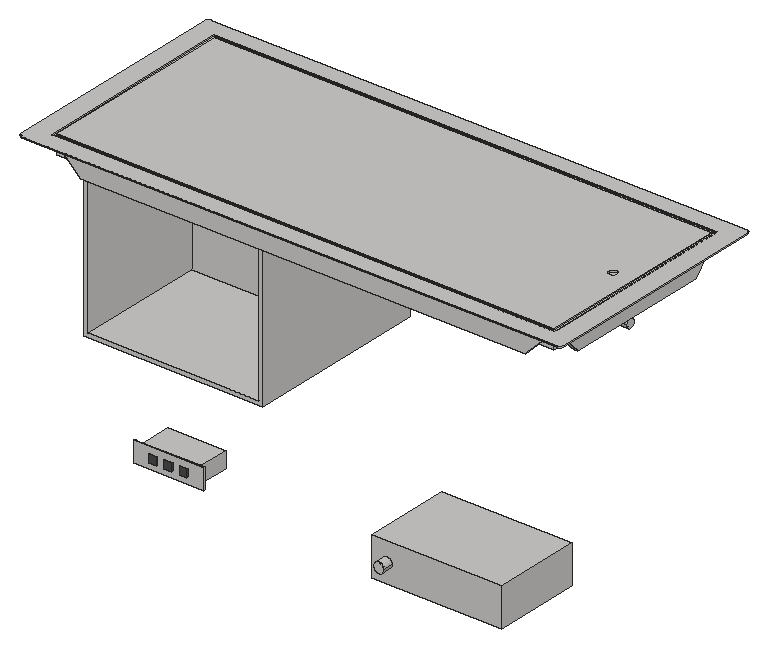
Revit family "QF_ELECTROLUXPROFESSIONAL_341085_D21C4", category Specialty Equipment, Revit 2018
Family settings
  Round Connector Dimension = Use Diameter
  Part Type = Normal
  Work Plane-Based = No
  Always vertical = Yes
  Cut with Voids When Loaded = No
  Shared = No
  Room Calculation Point = No
Parameters (values of type "Standard")
  Weight = 0.00 kg
  Watts = 0 W
  Volts = 220 V
  URL Manufacturer = "http://professional.electrolux.com"
  URL = "http://professional.electrolux.com"
  Steam Supply Size = 0 mm
  Steam Supply Minimum Pressure = 0.0 Pa
  Steam Supply Maximum Pressure = 0.0 Pa
  Steam Pounds per Hour = 0
  Show Clearance [instance] = yes
  Remote Electrical Box_Z [instance] = 200.00 mm
  Remote Electrical Box_Y [instance] = 500.00 mm
  Remote Electrical Box_X [instance] = 1000.00 mm
  Refrigeration Suction Line Size = 0 mm
  Refrigeration Liquid Line Size = 0 mm
  Refrigerant Compressor Remote = yes
  Manufacturer = "Electrolux Professional"
  Phase = 1
  Model = "D21C4"
  Length Actual = 1420.00 mm  # constant formula
  Item Number = "341085"
  Hot Water Size = 0 mm
  Height Actual = 380.00 mm  # constant formula
  HP = "0 HP"
  Gas Size = 0 mm
  Gas KW = 0
  Gas Input Pressure = 0 W
  Direct Waste Size = 25.4 mm
  Description = "DROP-IN REFRIGERATED QUARTZ SURFACE, 4GN"
  Depth Actual = 620.00 mm  # constant formula
  Cycle = 50 Hz
  Controller_Y [instance] = 500.00 mm
  Controller_1Z [instance] = 200.00 mm
  Controller_1X [instance] = 300.00 mm
  Condensate Return Size = 0 mm
  Compressed Air Volume = 0.0 L/s
  Compressed Air Size = 0 mm
  Compressed Air Pressure = 0.0 Pa
  Cold Water Size = 0 mm
  Accessory = yes
Types (2, lengths in mm): name | Volts | URL Manufacturer | URL | Manufacturer | Phase | Model | Item Number | Description | Cycle
  341085.rfa | 0 V | "" | 0.00 | 0.00 | 0 | 0.00 | "" | 0.00 | 0 Hz
  Standard | 220 V | "http://professional.electrolux.com" | "http://professional.electrolux.com" | "Electrolux Professional" | 1 | "D21C4" | "341085" | "DROP-IN REFRIGERATED QUARTZ SURFACE, 4GN" | 50 Hz
Reference planes
  plane 1 "Centro (Fronte/Retro)": y = 74.737
  plane 2: z = 0
  plane 3 "BACK": y = 384.737
  plane 4 "FRONT": y = -235.263
  plane 5 "RIGHT": x = 196.231
  plane 6 "LEFT": x = -1224.769
  plane 7: x = -514.269
  plane 8 "TOP": z = 900
  plane 9: y = 339.737
  plane 10: y = -190.263
  plane 11: x = -1171.989
  plane 12: x = 143.451
  plane 13: z = 898
  plane 14: z = 822
  plane 15: z = 825
  plane 16: x = 136.731
  plane 17: x = -1165.269
  plane 18: y = 333.517
  plane 19: y = -184.043
  plane 20: z = 438
  plane 21: x = 84.731
  plane 22: y = 323.737
  plane 23: x = -1099.769
  plane 24: x = -649.769
  plane 25: y = -165.263
  plane 26: y = 314.737
  plane 27: x = -924.769
  plane 28: x = -224.769
  plane 29: y = -115.263
  plane 30: y = -115.263
  plane 31: z = 200
  plane 32: z = 200
Forms (mm)
  Extrusion 1, solid, material "QF_Finishes_Stainless Steel"
    sketch origin (0, 0, 900) x (-1, 0, 0) y (0, -1, 0)
      loop
        line (1165.269, -333.517) -> (1165.269, 184.043) -> (-136.731, 184.043) -> (-136.731, -333.517) -> (1165.269, -333.517)
    from -2 to -49.012
  Extrusion 2, solid, material "QF_Finishes_Stainless Steel"
    sketch origin (0, 0, 900) x (-1, 0, 0) y (0, -1, 0)
      loop
        line (1165.269, -333.517) -> (1165.269, 184.043) -> (-136.731, 184.043) -> (-136.731, -333.517) -> (1165.269, -333.517)
    from -2 to 0
  Extrusion 3, void
    sketch origin (0, 0, 900) x (-1, 0, 0) y (0, -1, 0)
      loop
        circle (-84.731, -74.737) r 10.5
    from -2 to 0
  Extrusion 4, solid, material "QF_Finishes_Stainless Steel"
    sketch origin (231.731, 362.737, 0) x (0, -1, 0) y (0, 0, -1)
      loop
        line (478, -822) -> (91.78, -822) -> (23, -898) -> (553, -898) -> (478, -822)
    from -88.28 to -95
  Extrusion 5, solid, material "QF_Finishes_Stainless Steel"
    sketch origin (-1260.269, 362.737, 0) x (0, -1, 0) y (0, 0, 1)
      loop
        line (478, 822) -> (553, 898) -> (23, 898) -> (91.78, 822) -> (478, 822)
    from -88.28 to -95
  Extrusion 6, solid, material "QF_Finishes_Stainless Steel"
    sketch origin (231.731, -231.263, 456) x (0, 0, 1) y (-1, 0, 0)
      loop
        line (442, 1403.72) -> (366, 1328.72) -> (366, 163.28) -> (442, 88.28) -> (442, 1403.72)
    from -41 to -47.22
  Extrusion 7, solid, material "QF_Finishes_Stainless Steel"
    sketch origin (231.731, 374.517, 456) x (0, 0, 1) y (1, 0, 0)
      loop
        line (442, -1403.72) -> (442, -88.28) -> (366, -163.28) -> (366, -1328.72) -> (442, -1403.72)
    from -34.78 to -41
  Extrusion 8, solid, material "QF_Finishes_Stainless Steel"
    sketch origin (231.731, 362.737, 0) x (0, -1, 0) y (0, 0, -1)
      loop
        line (187, -448) -> (67, -448) -> (67, -799) -> (187, -799) -> (187, -448)
    from -1331 to -881
  Extrusion 9, solid, material "QF_Finishes_Stainless Steel"
    sketch origin (0, 0, 900) x (-1, 0, 0) y (0, -1, 0)
      loop
        arc (1214.769, -384.737) -> (1221.84, -381.808) -> (1224.769, -374.737) r 10
        line (1224.769, -374.737) -> (1224.769, 225.263)
        arc (1224.769, 225.263) -> (1221.84, 232.334) -> (1214.769, 235.263) r 10
        line (1214.769, 235.263) -> (-186.231, 235.263)
        arc (-186.231, 235.263) -> (-193.302, 232.334) -> (-196.231, 225.263) r 10
        line (-196.231, 225.263) -> (-196.231, -374.737)
        arc (-196.231, -374.737) -> (-193.302, -381.808) -> (-186.231, -384.737) r 10
        line (-186.231, -384.737) -> (1214.769, -384.737)
      loop
        line (1171.989, -339.737) -> (1171.989, 190.263) -> (-143.451, 190.263) -> (-143.451, -339.737) -> (1171.989, -339.737)
    from 0 to -2
  Extrusion 10, solid, material "QF_Finishes_Stainless Steel"
    sketch origin (231.731, -231.263, 456) x (0, 0, 1) y (-1, 0, 0)
      loop
        line (366, 881.5) -> (-8, 881.5) -> (-8, 1331.5) -> (368.817, 1331.5) -> (368.817, 1341.5) -> (-18, 1341.5) -> (-18, 871.5) -> (366, 871.5) -> (366, 881.5)
    from -66 to -546
  Sweep 11, solid, material "QF_Finishes_Stainless Steel"
    path origin (0, 74.737, 0) x (1, 0, 0) y (0, 0, 1)
      loop
        line (84.731, 850.988) -> (84.731, 797.5) -> (130.231, 797.5)
    profile origin (84.731, 74.737, 824.244) x (0, -1, 0) y (1, 0, 0)
      loop
        circle (0, 0) r 10.5
Cuts and joins
  Extrusion 3 cuts Extrusion 2
  joined: Extrusion 1, Extrusion 4, Extrusion 5, Extrusion 6, Extrusion 7
Lines and regions (mm)
  symbolic lines
    curve 1: line (-1171.989, 339.737, 900) -> (143.451, 339.737, 900)
    curve 2: line (-1171.989, -190.263, 900) -> (-1171.989, 339.737, 900)
    curve 3: line (143.451, -190.263, 900) -> (-1171.989, -190.263, 900)
    curve 4: line (143.451, 339.737, 900) -> (143.451, -190.263, 900)
    curve 5: line (-1165.269, 333.517, 900) -> (136.731, 333.517, 900)
    curve 6: line (-1165.269, -184.043, 900) -> (-1165.269, 333.517, 900)
    curve 7: line (136.731, -184.043, 900) -> (-1165.269, -184.043, 900)
    curve 8: line (136.731, 333.517, 900) -> (136.731, -184.043, 900)
    curve 9: arc (95.231, 74.737, 900) -> (84.731, 85.237, 900) -> (74.231, 74.737, 900) r 10.5
    curve 10: arc (74.231, 74.737, 900) -> (84.731, 64.237, 900) -> (95.231, 74.737, 900) r 10.5
    curve 11: line (186.231, 384.737, 900) -> (-1214.769, 384.737, 900)
    curve 12: arc (-1214.769, 384.737, 900) -> (-1221.84, 381.808, 900) -> (-1224.769, 374.737, 900) r 10
    curve 13: line (-1224.769, 374.737, 900) -> (-1224.769, -225.263, 900)
    curve 14: arc (-1224.769, -225.263, 900) -> (-1221.84, -232.334, 900) -> (-1214.769, -235.263, 900) r 10
    curve 15: line (-1214.769, -235.263, 900) -> (186.231, -235.263, 900)
    curve 16: arc (186.231, -235.263, 900) -> (193.302, -232.334, 900) -> (196.231, -225.263, 900) r 10
    curve 17: line (196.231, -225.263, 900) -> (196.231, 374.737, 900)
    curve 18: arc (196.231, 374.737, 900) -> (193.302, 381.808, 900) -> (186.231, 384.737, 900) r 10
  symbolic lines, style "SpecialityEquipmentHiddenLines"
    curve 19: line (-1171.989, 339.737, 900) -> (143.451, 339.737, 900)
    curve 20: line (-1171.989, -190.263, 900) -> (-1171.989, 339.737, 900)
    curve 21: line (143.451, -190.263, 900) -> (-1171.989, -190.263, 900)
    curve 22: line (143.451, 339.737, 900) -> (143.451, -190.263, 900)
    curve 23: line (-639.769, -165.263, 900) -> (-639.769, 314.737, 900)
    curve 24: line (-1109.769, -165.263, 900) -> (-639.769, -165.263, 900)
    curve 25: line (-1109.769, 314.737, 900) -> (-1109.769, -165.263, 900)
    curve 26: line (-639.769, 314.737, 900) -> (-1109.769, 314.737, 900)
Dimensions and locks
  plane 6 "LEFT" to plane 5 "RIGHT" = 1421.00 mm
  equal spacing: plane 3 "BACK", plane 1 "Centro (Fronte/Retro)", plane 4 "FRONT"
  plane 3 "BACK" to plane 4 "FRONT" = 620.00 mm
  equal spacing: plane 6 "LEFT", plane 7, plane 5 "RIGHT"
  locked: plane 8 "TOP" to plane 2 at 900
  plane 3 "BACK" to plane 9 = 45.00 mm
  plane 10 to plane 4 "FRONT" = 45.00 mm
  locked: plane 6 "LEFT" to plane 11 at 52.78
  locked: plane 12 to plane 5 "RIGHT" at 52.78
  locked: plane 8 "TOP" to plane 13 at 2
  plane 8 "TOP" to plane 14 = 78.00 mm
  locked: plane 15 to plane 14 at 3
  locked: plane 11 to plane 17 at 6.72
  locked: plane 16 to plane 12 at 6.72
  locked: plane 9 to plane 18 at 6.22
  locked: plane 19 to plane 10 at 6.22
  plane 8 "TOP" to plane 20 = 462.00 mm
  locked: plane 21 to Extrusion 2 at 52
  plane 1 "Centro (Fronte/Retro)" to plane 22 = 249.00 mm
  locked: plane 24 to plane 23 at 450
  plane 16 to plane 17 = 1302.00 mm
  plane 10 to plane 18 = 523.78 mm
  locked: plane 23 to plane 6 "LEFT" at 125
  equal spacing: plane 25, plane 1 "Centro (Fronte/Retro)", plane 26
  plane 25 to plane 26 = 480.00 mm
  Extrusion 9 to Extrusion 9 = 530.00 mm
  "Controller_Y": plane 3 "BACK" to plane 30
  "Remote Electrical Box_Y": plane 3 "BACK" to plane 29
  "Controller_1X": plane 6 "LEFT" to plane 27
  "Remote Electrical Box_X": plane 6 "LEFT" to plane 28
  "Controller_1Z": plane 31 to plane 2
  "Remote Electrical Box_Z": plane 32 to plane 2
  aligned and locked: level to plane 2
  aligned and locked: Extrusion 2 sketch curve to plane 18
  aligned and locked: plane 17 to Extrusion 2 sketch curve
  aligned and locked: plane 19 to Extrusion 2 sketch curve
  aligned and locked: Extrusion 2 sketch curve to plane 16
  aligned and locked: plane 8 "TOP" to Extrusion 2
  aligned and locked: plane 8 "TOP" to Extrusion 3
  aligned and locked: Extrusion 4 sketch curve to plane 13
  aligned and locked: Extrusion 4 to plane 16
  aligned and locked: plane 19 to Extrusion 6
  aligned and locked: plane 17 to Extrusion 1 sketch curve
  aligned and locked: Extrusion 1 sketch curve to plane 18
  aligned and locked: Extrusion 1 sketch curve to plane 16
  aligned and locked: plane 19 to Extrusion 1 sketch curve
  aligned and locked: plane 12 to Extrusion 4
  aligned and locked: Extrusion 9 sketch curve to plane 3 "BACK"
  aligned and locked: plane 6 "LEFT" to Extrusion 9 sketch curve
  aligned and locked: plane 4 "FRONT" to Extrusion 9 sketch curve
  aligned and locked: Extrusion 9 sketch curve to plane 5 "RIGHT"
  aligned and locked: Extrusion 9 to plane 13
  aligned and locked: Extrusion 9 sketch curve to curve 1
  aligned and locked: Extrusion 9 sketch curve to curve 2
  aligned and locked: Extrusion 9 sketch curve to curve 3
  aligned and locked: Extrusion 9 sketch curve to curve 4
  aligned and locked: Extrusion 5 to plane 11
  aligned and locked: plane 17 to Extrusion 5
  aligned and locked: plane 27 to nested 2
  aligned and locked: plane 28 to nested 3
  aligned and locked: plane 29 to nested 3
  aligned and locked: nested 2 to plane 30
  aligned and locked: plane 32 to nested 3
  aligned and locked: nested 2 to plane 31
Automatic sketch dimensions
  plane 1 "Centro (Fronte/Retro)" to Extrusion 3 sketch curve = 0.00 mm
  Extrusion 3 sketch curve to plane 21 = 0.00 mm
  Extrusion 4 sketch curve to plane 9 = 0.00 mm
  Extrusion 4 sketch curve to plane 10 = 0.00 mm
  Extrusion 4 sketch curve to plane 22 = 52.78 mm
  Extrusion 5 sketch curve to plane 9 = 0.00 mm
  Extrusion 5 sketch curve to plane 14 = 0.00 mm
  Extrusion 5 sketch curve to plane 10 = 0.00 mm
  Extrusion 5 sketch curve to plane 13 = 0.00 mm
  Extrusion 5 sketch curve to plane 22 = 52.78 mm
  Extrusion 7 sketch curve to plane 14 = 0.00 mm
  Extrusion 7 sketch curve to plane 11 = 0.00 mm
  Extrusion 7 sketch curve to plane 13 = 0.00 mm
  Extrusion 7 sketch curve to plane 12 = 0.00 mm
  plane 17 to Extrusion 7 sketch curve = 68.28 mm
  Extrusion 7 sketch curve to plane 21 = 16.28 mm
  Extrusion 6 sketch curve to plane 11 = 0.00 mm
  Extrusion 6 sketch curve to plane 13 = 0.00 mm
  Extrusion 6 sketch curve to plane 12 = 0.00 mm
  Extrusion 6 sketch curve to plane 21 = 16.28 mm
  plane 17 to Extrusion 6 sketch curve = 68.28 mm
  Extrusion 4 sketch curve to plane 14 = 0.00 mm
  plane 20 to Extrusion 8 sketch curve = 10.00 mm
  Extrusion 8 sketch curve to plane 22 = 28.00 mm
  Extrusion 8 sketch curve to plane 14 = 23.00 mm
  Extrusion 8 sketch curve to Extrusion 8 sketch curve = 120.00 mm
  Extrusion 9 sketch curve to plane 5 "RIGHT" = 10.00 mm
  Extrusion 9 sketch curve to plane 3 "BACK" = 10.00 mm  (x2)
  plane 4 "FRONT" to Extrusion 9 sketch curve = 10.00 mm
  Extrusion 6 sketch curve to plane 14 = 0.00 mm
  plane 19 to Extrusion 4 sketch curve = 68.78 mm
  plane 19 to Extrusion 5 sketch curve = 68.78 mm
  Extrusion 10 sketch curve to plane 20 = 0.00 mm
  plane 23 to Extrusion 10 sketch curve = 0.00 mm
  plane 24 to Extrusion 10 sketch curve = 0.00 mm
  Extrusion 10 sketch curve to plane 14 = 0.00 mm
  plane 20 to Extrusion 10 sketch curve = 10.00 mm
  Extrusion 10 sketch curve to plane 15 = 0.183 mm
  plane 24 to Extrusion 10 sketch curve = 10.00 mm
  Extrusion 10 sketch curve to plane 23 = 10.00 mm
  Sweep 11 sketch curve to plane 21 = 0.00 mm
  plane 15 to Sweep 11 sketch curve = 25.988 mm
  Sweep 11 sketch curve to plane 14 = 24.50 mm
  Sweep 11 sketch curve to plane 16 = 6.50 mm
  plane 1 "Centro (Fronte/Retro)" to Sweep 11 sketch curve = 0.00 mm
  Sweep 11 sketch curve to profile plane = 0.00 mm
  curve 18 to plane 5 "RIGHT" = 0.00 mm
  curve 18 to plane 3 "BACK" = 0.00 mm
  curve 15 to plane 4 "FRONT" = 0.00 mm
  plane 10 to curve 3 = 0.00 mm
  curve 3 to plane 12 = 0.00 mm
  curve 7 to plane 16 = 0.00 mm
  plane 1 "Centro (Fronte/Retro)" to curve 10 = 0.00 mm
  curve 9 to plane 21 = 0.00 mm
  curve 5 to plane 17 = 0.00 mm
  curve 1 to plane 9 = 0.00 mm
  curve 21 to plane 11 = 0.00 mm
  curve 13 to plane 6 "LEFT" = 0.00 mm
  curve 8 to plane 18 = 0.00 mm
  curve 6 to plane 19 = 0.00 mm
  curve 18 to plane 3 "BACK" = 10.00 mm
  curve 15 to plane 5 "RIGHT" = 10.00 mm
  plane 6 "LEFT" to curve 15 = 10.00 mm
  plane 6 "LEFT" to curve 11 = 10.00 mm
  plane 21 to curve 10 = 10.50 mm
  curve 24 to plane 25 = 0.00 mm
  curve 23 to plane 26 = 0.00 mm
  plane 24 to curve 24 = 10.00 mm
  curve 24 to plane 23 = 10.00 mm
  radius of Extrusion 3 sketch curve = 10.50 mm
  radius of Sweep 11 sketch curve = 10.50 mm
Nested families
  nested 1: "Refrigerator" at (16.231, -45.263, 900), type "Refrigerator"
  nested 2: "Controller" at (-924.769, -115.263, 200), type "Controller"
  nested 3: "Remote_Electrical_Box" at (-224.769, -0.263, 100), type "Remote_Electrical_Box"
Connectors
  piping at (130.231, 74.737, 797.5), diameter 21
    settings: on Sweep 11, index 1, connector inside diameter 609.6 mm, connector length 0.00 mm, flow factor 0, pipe flow 0.0 L/s, pressure drop 0.0 Pa, fitting loss kfactor 0, connector angle 0.00°, fixture units 0, engagement length 0.00 mm, angle of deflection 0.00°, flow configuration 1, flow direction 1, fitting loss method 0, system type 16, joint type 0, gender type 0, connector reference index -1, connector utility 0, adjustable connector no, is connector primary yes, connector description "drain"
  electrical at (-354.769, -142.263, 149.381)
    settings: on nested 3, index 2, voltage 0 V, apparent load 0 VA, apparent load phase1 0 VA, apparent load phase2 0 VA, apparent load phase3 0 VA, power factor 1, load classification "Altro", number of poles 1, system type 14, power factor state 1, is connector primary yes, connector utility no, sub classification motor no, connector description ""
Definition of nested family "Controller"
  Reference planes
    plane 1 "Center (Front/Back)": y = 0
    plane 2: z = 0
    plane 3 "Center (Left/Right)": x = 0
  Forms (mm)
    Extrusion 1, solid
      sketch origin (0, 44.769, -48.2) x (1, 0, 0) y (0, 1, 0)
        loop
          line (-76, 43.231) -> (-76, -47.65) -> (76, -47.65) -> (76, 43.231) -> (-76, 43.231)
      from 6.2 to 48.2
    Extrusion 2, solid
      sketch origin (0, 44.769, -48.2) x (1, 0, 0) y (0, 0, 1)
        loop
          line (-92.25, 54.4) -> (-92.25, 0) -> (92.25, 0) -> (92.25, 54.4) -> (-92.25, 54.4)
        loop
          line (-76, 48.2) -> (-76, 6.2) -> (76, 6.2) -> (76, 48.2) -> (-76, 48.2)
      from 44.769 to 47.65
    Extrusion 3, solid
      sketch origin (76, -2.881, -48.2) x (-1, 0, 0) y (0, 0, -1)
        loop
          line (106, -37.2) -> (126, -37.2) -> (126, -17.2) -> (106, -17.2) -> (106, -37.2)
        loop
          line (66, -37.2) -> (86, -37.2) -> (86, -17.2) -> (66, -17.2) -> (66, -37.2)
        loop
          line (26, -37.2) -> (46, -37.2) -> (46, -17.2) -> (26, -17.2) -> (26, -37.2)
      from 0 to 2
    Extrusion 4, void
      sketch origin (0, 0, 0) x (1, 0, 0) y (0, 1, 0)
        loop
          line (76, 88) -> (-76, 88) -> (-76, 0) -> (76, 0) -> (76, 88)
      from 0 to -42
  Cuts and joins
    Extrusion 4 cuts Extrusion 2
    joined: Extrusion 1, Extrusion 2
  Lines and regions (mm)
    symbolic lines
      curve 1: line (-76, 88, 0) -> (-76, 0, 0)
      curve 2: line (76, 88, 0) -> (-76, 88, 0)
      curve 3: line (76, 0, 0) -> (76, 88, 0)
      curve 4: line (-92.25, -2.881, 0) -> (92.25, -2.881, 0)
      curve 5: line (-92.25, 0, 0) -> (-92.25, -2.881, 0)
      curve 6: line (92.25, 0, 0) -> (-92.25, 0, 0)
      curve 7: line (92.25, -2.881, 0) -> (92.25, 0, 0)
  Dimensions and locks
    aligned and locked: level to plane 2
Definition of nested family "Remote_Electrical_Box"
  Parameters (values of type "Remote_Electrical_Box")
    Default Elevation = 1219.20 mm
  Reference planes
    plane 1 "Center (Front/Back)": y = 0
    plane 2: z = 0
    plane 3 "Center (Left/Right)": x = 0
    plane 4: x = -170
    plane 5: x = 170
    plane 6: y = 115
    plane 7: y = -115
    plane 8: z = 100
    plane 9: z = 50
  Forms (mm)
    Extrusion 1, solid
      sketch origin (0, 0, 0) x (1, 0, 0) y (0, 1, 0)
        loop
          line (-170, 115) -> (-170, -115) -> (170, -115) -> (170, 115) -> (-170, 115)
      from 0 to 100
    Extrusion 2, solid
      sketch origin (0, 0, 0) x (1, 0, 0) y (0, 0, 1)
        loop
          circle (-130, 49.381) r 13
      from 115 to 142
  Lines and regions (mm)
    symbolic lines
      curve 1: line (-170, 115, 0) -> (170, 115, 0)
      curve 2: line (-170, -115, 0) -> (-170, 115, 0)
      curve 3: line (170, -115, 0) -> (-170, -115, 0)
      curve 4: line (170, 115, 0) -> (170, -115, 0)
      curve 5: line (-143, -142, 0) -> (-117, -142, 0)
      curve 6: line (-143, -142, 0) -> (-143, -115, 0)
      curve 7: line (-117, -142, 0) -> (-117, -115, 0)
  Dimensions and locks
    equal spacing: plane 4, plane 3 "Center (Left/Right)", plane 5
    equal spacing: plane 6, plane 1 "Center (Front/Back)", plane 7
    plane 4 to plane 5 = 340.00 mm
    plane 6 to plane 7 = 230.00 mm
    Extrusion 1 to Extrusion 2 sketch curve = 40.00 mm
    equal spacing: plane 8, plane 9, plane 2
    aligned and locked: level to plane 2
    aligned and locked: Extrusion 1 sketch curve to plane 6
    aligned and locked: plane 4 to Extrusion 1 sketch curve
    aligned and locked: plane 7 to Extrusion 1 sketch curve
    aligned and locked: Extrusion 1 sketch curve to plane 5
    aligned and locked: plane 7 to Extrusion 2
    aligned and locked: plane 8 to Extrusion 1
  Automatic sketch dimensions
    level to Extrusion 2 sketch curve = 49.381 mm
    curve 3 to plane 4 = 0.00 mm
    curve 7 to plane 7 = 0.00 mm
    curve 3 to plane 5 = 0.00 mm
    curve 2 to plane 6 = 0.00 mm
    plane 4 to curve 6 = 27.00 mm
    curve 5 to curve 6 = 27.00 mm
    curve 6 to curve 7 = 26.00 mm
    radius of Extrusion 2 sketch curve = 13.00 mm
Definition of nested family "Refrigerator"
  Reference planes
    plane 1 "Center (Front/Back)": y = 0
    plane 2: z = 0
    plane 3 "Center (Left/Right)": x = 0
  Lines and regions (mm)
    detail lines, in view "Ref. Level"
      curve 1: line (0, -60, 0) -> (0, 60, 0)
      curve 2: line (-51.962, 30, 0) -> (51.962, -30, 0)
      curve 3: line (-51.962, -30, 0) -> (51.962, 30, 0)
      curve 4: line (19.116, 56.873, 0) -> (0, 35, 0)
      curve 5: line (0, 35, 0) -> (-19.116, 56.873, 0)
      curve 6: line (-30.311, 17.5, 0) -> (-40, 45.883, 0)
      curve 7: line (-59.736, 11.7, 0) -> (-30.311, 17.5, 0)
      curve 8: line (-30.311, -17.5, 0) -> (-59.736, -11.7, 0)
      curve 9: line (-40, -45.883, 0) -> (-30.311, -17.5, 0)
      curve 10: line (0, -35, 0) -> (-19.116, -56.873, 0)
      curve 11: line (19.116, -56.873, 0) -> (0, -35, 0)
      curve 12: line (30.311, -17.5, 0) -> (39.696, -44.992, 0)
      curve 13: line (58.812, -11.882, 0) -> (30.311, -17.5, 0)
      curve 14: line (30.311, 17.5, 0) -> (58.812, 11.882, 0)
      curve 15: line (39.696, 44.992, 0) -> (30.311, 17.5, 0)
